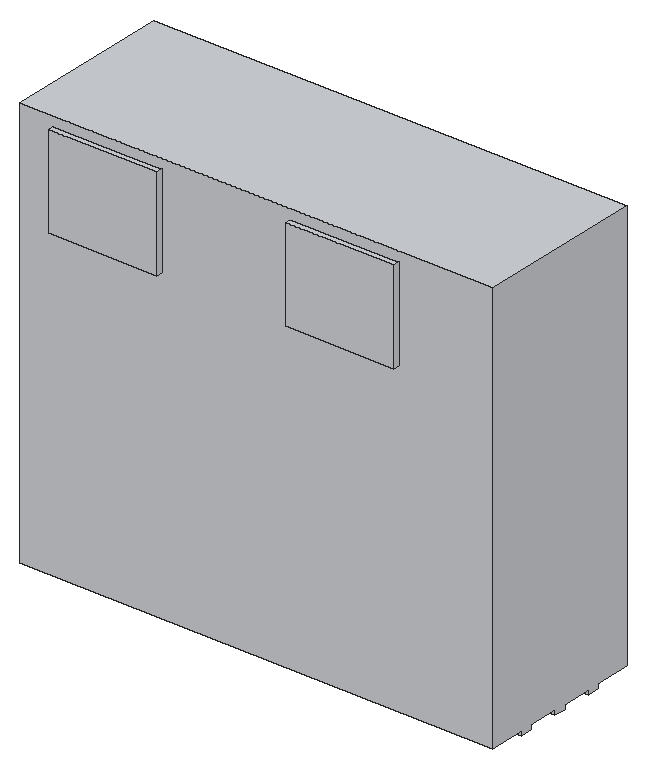
Revit family "7a9e62ce60ef40fdb477575f143ecf48", category Mechanical Equipment, Revit 2021
Family settings
  Round Connector Dimension = Use Radius
  Part Type = Normal
  OmniClass Number = 23.75.10.21.17
  OmniClass Title = Water-Source Heat Pumps
  Seek Item ID = WSHP - Vertical - 13-20 Tons - Rear Return - Front Discharge-0000-USA-ENU
  Work Plane-Based = No
  Always vertical = Yes
  Cut with Voids When Loaded = No
  Shared = No
  Room Calculation Point = No
Parameters (values of type "20 Tons")
  Water Supply Radius = 3/4"
  Water Supply Diameter = Water Supply Radius * 2  # 1 1/2"
  Water Return Radius = 3/4"
  Water Return Diameter = Water Return Radius * 2  # 1 1/2"
  Water Pressure Drop [instance] = 14.60 psi
  Water Flow [instance] = 60 GPM
  Voltage = 460 V
  Supply Air Width = 18 205/256"
  Supply Air Height = 16 13/128"
  Return Air Width = 34 205/256"
  Return Air Height = 23 51/128"
  Pump Width = 2' - 5"
  Pump Material = none
  Pump Length = 6' - 10"
  Pump Height = 5' - 11 1/2"
  Number of Poles = 3
  Load Classification = Cooling
  Drain Flow [instance] = 0 GPM
  Distance 1 = 1' - 10 77/256"
  Default Elevation = 0' - 0"
  Condensate Radius = 1/2"
  Condensate Diameter = Condensate Radius * 2  # 1"
  C8 Offset 2 = 0' - 2 13/128"
  C8 Offset 1 = 0' - 1"
  C6 Offset 2 = 1' - 10 77/128"
  C6 Offset 1 = 0' - 3 13/128"
  C4 Offset 1 = 0' - 5 205/256"
  C3 Offset 1 = 1' - 2 1/2"
  C2 Offset 1 = 0' - 4"
  C1 Offset 2 = 1' - 8 1/2"
  C1 Offset 1 = 0' - 7 51/128"
  Apparent Load = 18768 VA
  External Static Pressure [instance] = 1.50 in-wg
  Air Flow 1 [instance] = Air Flow / 2  # 4200 CFM
  Air Flow [instance] = 8400 CFM
Types (4): name | Water Pressure Drop | Water Flow | Supply Air Width | Supply Air Height | Return Air Height | Distance 1 | C4 Offset 1 | Apparent Load | External Static Pressure | Air Flow 1 | Air Flow
  (no name) | 14.60 psi | 60 GPM | 18 205/256" | 16 13/128" | 23 51/128" | 1' - 10 77/256" | 0' - 5 205/256" | 18768 VA | 1.50 in-wg | 4200 CFM | 8400 CFM
  13 Tons | 9.40 psi | 37 GPM | 14 179/256" | 15 205/256" | 23 77/128" | 1' - 1 205/256" | 1' - 7 51/128" | 11132 VA | 1.00 in-wg | 2600 CFM | 5200 CFM
  17 Tons | 11.10 psi | 48 GPM | 18 205/256" | 16 13/128" | 23 51/128" | 1' - 10 77/256" | 0' - 5 205/256" | 17296 VA | 1.50 in-wg | 3500 CFM | 7000 CFM
  20 Tons | 14.60 psi | 60 GPM | 18 205/256" | 16 13/128" | 23 51/128" | 1' - 10 77/256" | 0' - 5 205/256" | 18768 VA | 1.50 in-wg | 4200 CFM | 8400 CFM
Reference planes (in)
  plane 1 "Center (Front/Back)": y = 0
  plane 2: z = 0
  plane 3 "Center (Left/Right)": x = 0
  plane 4: x = 82
  plane 5: y = 29
  plane 6: z = 72.25
  plane 7: z = 0.75
  plane 8: y = 14.5
  plane 9: y = 15.5
  plane 10: y = 13.5
  plane 11: y = 21.75
  plane 12: y = 7.25
  plane 13: y = 22.75
  plane 14: y = 20.75
  plane 15: y = 8.25
  plane 16: y = 6.25
  plane 17: z = 21.25
  plane 18: y = 4
  plane 19: y = 7.39844
  plane 20: y = 14.5
  plane 21: x = -1
  plane 22: z = 2.10156
  plane 23: x = 81
  plane 24: y = -1
  plane 25: x = 3.10156
  plane 26: z = 49.64844
  plane 27: x = 37.90234
  plane 28: x = 44.20234
  plane 29: x = 79.00313
  plane 30: z = 26.25
  plane 31: x = 65.70313
  plane 32: x = 46.90234
  plane 33: x = 24.60156
  plane 34: x = 5.80078
  plane 35: z = 70.5
  plane 36: z = 54.39844
  plane 37: y = 30
  plane 38: y = 1
Forms (in)
  Extrusion 1, solid, material <- "Pump Material"
    sketch origin (0, 0, 0) x (1, 0, 0) y (0, 1, 0)
      loop
        line (0, 29) -> (0, 0) -> (82, 0) -> (82, 29) -> (0, 29)
    from 0.75 to 72.25
  Extrusion 2, solid, material <- "Pump Material"
    sketch origin (0, 0, 0) x (0, 1, 0) y (0, 0, 1)
      loop
        line (15.5, 0.75) -> (13.5, 0.75) -> (13.5, 0) -> (15.5, 0) -> (15.5, 0.75)
    from 0 to 82
  Extrusion 3, solid, material <- "Pump Material"
    sketch origin (0, 0, 0) x (0, 1, 0) y (0, 0, 1)
      loop
        line (22.75, 0.75) -> (20.75, 0.75) -> (20.75, 0) -> (22.75, 0) -> (22.75, 0.75)
    from 0 to 82
  Extrusion 4, solid, material <- "Pump Material"
    sketch origin (0, 0, 0) x (0, 1, 0) y (0, 0, 1)
      loop
        line (8.25, 0.75) -> (6.25, 0.75) -> (6.25, 0) -> (8.25, 0) -> (8.25, 0.75)
    from 0 to 82
  Extrusion 5, solid, material <- "Pump Material"
    sketch origin (0, 0, 0) x (0, 1, 0) y (0, 0, 1)
      loop
        circle (4, 21.25) r 0.75
    from 0 to -1
  Extrusion 6, solid, material <- "Pump Material"
    sketch origin (0, 0, 0) x (0, 1, 0) y (0, 0, 1)
      loop
        circle (7.39844, 21.25) r 0.75
    from 0 to -1
  Extrusion 7, solid, material <- "Pump Material"
    sketch origin (0, 0, 0) x (0, 1, 0) y (0, 0, 1)
      loop
        circle (14.5, 21.25) r 0.5
    from 0 to -1
  Extrusion 8, solid, material <- "Pump Material"
    sketch origin (0, 0, 0) x (1, 0, 0) y (0, 0, 1)
      loop
        circle (81, 2.10156) r 0.5
    from -1 to 0
  Extrusion 9, solid, material <- "Pump Material"
    sketch origin (0, 0, 0) x (1, 0, 0) y (0, 0, 1)
      loop
        line (5.80078, 70.5) -> (5.80078, 54.39844) -> (24.60156, 54.39844) -> (24.60156, 70.5) -> (5.80078, 70.5)
    from 0 to 1
  Extrusion 10, solid, material <- "Pump Material"
    sketch origin (0, 0, 0) x (1, 0, 0) y (0, 0, 1)
      loop
        line (46.90234, 70.5) -> (46.90234, 54.39844) -> (65.70313, 54.39844) -> (65.70313, 70.5) -> (46.90234, 70.5)
    from 0 to 1
  Extrusion 11, solid, material <- "Pump Material"
    sketch origin (0, 0, 0) x (1, 0, 0) y (0, 0, 1)
      loop
        line (3.10156, 49.64844) -> (3.10156, 26.25) -> (37.90234, 26.25) -> (37.90234, 49.64844) -> (3.10156, 49.64844)
    from -29 to -30
  Extrusion 12, solid, material <- "Pump Material"
    sketch origin (0, 0, 0) x (1, 0, 0) y (0, 0, 1)
      loop
        line (44.20234, 49.64844) -> (44.20234, 26.25) -> (79.00313, 26.25) -> (79.00313, 49.64844) -> (44.20234, 49.64844)
    from -29 to -30
Cuts and joins
  joined: Extrusion 1, Extrusion 2, Extrusion 3, Extrusion 4, Extrusion 5, Extrusion 6, Extrusion 7, Extrusion 8, Extrusion 9, Extrusion 10, Extrusion 11, Extrusion 12
Dimensions and locks (in)
  "Pump Length": plane 3 "Center (Left/Right)" to plane 4
  "Pump Width": plane 5 to plane 1 "Center (Front/Back)"
  locked: plane 7 to plane 2 at 0.75
  "Pump Height": plane 6 to plane 7
  equal spacing: plane 5, plane 8, plane 1 "Center (Front/Back)"
  plane 9 to plane 8 to plane 10 = 0' - 1" locked, 0' - 1" locked
  equal spacing: plane 5, plane 11, plane 8
  equal spacing: plane 8, plane 12, plane 1 "Center (Front/Back)"
  plane 13 to plane 11 to plane 14 = 0' - 1" locked, 0' - 1" locked
  plane 15 to plane 12 to plane 16 = 0' - 1" locked, 0' - 1" locked
  "C1 Offset 2": plane 17 to plane 7
  "C2 Offset 1": plane 18 to plane 1 "Center (Front/Back)"
  "C1 Offset 1": plane 19 to plane 1 "Center (Front/Back)"
  "C3 Offset 1": plane 20 to plane 1 "Center (Front/Back)"
  plane 21 to plane 3 "Center (Left/Right)" = 0' - 1"
  "C8 Offset 2": plane 22 to plane 2
  "C8 Offset 1": plane 4 to plane 23
  locked: plane 24 to plane 1 "Center (Front/Back)" at 1
  locked: plane 27 to plane 28 at 6.3
  "C6 Offset 1": plane 25 to plane 3 "Center (Left/Right)"
  "Return Air Width": plane 25 to plane 27
  "Return Air Width": plane 28 to plane 29
  "C6 Offset 2": plane 6 to plane 26
  "Return Air Height": plane 26 to plane 30
  "C4 Offset 1": plane 3 "Center (Left/Right)" to plane 34
  "Supply Air Width": plane 34 to plane 33
  "Distance 1": plane 33 to plane 32
  "Supply Air Width": plane 32 to plane 31
  locked: plane 6 to plane 35 at 1.75
  "Supply Air Height": plane 35 to plane 36
  locked: plane 37 to plane 5 at 1
  locked: plane 38 to plane 1 "Center (Front/Back)" at 1
  "Water Return Radius": radius of Extrusion 5 sketch curve
  "Water Supply Radius": radius of Extrusion 6 sketch curve
  "Condensate Radius": radius of Extrusion 7 sketch curve
  radius of Extrusion 8 sketch curve = 0' - 0 1/2"
  aligned and locked: Extrusion 1 to plane 3 "Center (Left/Right)"
  aligned and locked: Extrusion 1 to plane 5
  aligned and locked: plane 4 to Extrusion 1
  aligned and locked: plane 1 "Center (Front/Back)" to Extrusion 1
  aligned and locked: Extrusion 1 to plane 6
  aligned and locked: Extrusion 1 to plane 7
  aligned and locked: Extrusion 2 to plane 9
  aligned and locked: plane 10 to Extrusion 2
  aligned and locked: plane 7 to Extrusion 2
  aligned and locked: Extrusion 2 to plane 2
  aligned and locked: Extrusion 3 to plane 13
  aligned and locked: plane 14 to Extrusion 3
  aligned and locked: plane 7 to Extrusion 3
  aligned and locked: Extrusion 3 to plane 2
  aligned and locked: Extrusion 4 to plane 15
  aligned and locked: plane 16 to Extrusion 4
  aligned and locked: plane 7 to Extrusion 4
  aligned and locked: Extrusion 4 to plane 2
  aligned and locked: Extrusion 3 to plane 3 "Center (Left/Right)"
  aligned and locked: Extrusion 2 to plane 3 "Center (Left/Right)"
  aligned and locked: Extrusion 4 to plane 3 "Center (Left/Right)"
  aligned and locked: plane 4 to Extrusion 3
  aligned and locked: plane 4 to Extrusion 2
  aligned and locked: plane 4 to Extrusion 4
  aligned and locked: plane 17 to Extrusion 5 sketch curve
  aligned and locked: plane 17 to Extrusion 6 sketch curve
  aligned and locked: plane 17 to Extrusion 7 sketch curve
  aligned and locked: plane 18 to Extrusion 5 sketch curve
  aligned and locked: plane 19 to Extrusion 6 sketch curve
  aligned and locked: plane 20 to Extrusion 7 sketch curve
  aligned and locked: Extrusion 7 to plane 3 "Center (Left/Right)"  (x2)
  aligned and locked: Extrusion 7 to plane 21
  aligned and locked: Extrusion 6 to plane 21
  aligned and locked: Extrusion 5 to plane 21
  aligned and locked: plane 3 "Center (Left/Right)" to Extrusion 6
  aligned and locked: plane 3 "Center (Left/Right)" to Extrusion 5
  aligned and locked: Extrusion 8 sketch curve to plane 22
  aligned and locked: plane 23 to Extrusion 8 sketch curve
  aligned and locked: plane 32 to Extrusion 10
  aligned and locked: Extrusion 10 to plane 31
  aligned and locked: Extrusion 9 to plane 33
  aligned and locked: plane 34 to Extrusion 9
  aligned and locked: plane 35 to Extrusion 10
  aligned and locked: plane 35 to Extrusion 9
  aligned and locked: Extrusion 10 to plane 36
  aligned and locked: Extrusion 9 to plane 36
  aligned and locked: Extrusion 11 to plane 26
  aligned and locked: Extrusion 12 to plane 26
  aligned and locked: plane 30 to Extrusion 11
  aligned and locked: plane 30 to Extrusion 12
  aligned and locked: Extrusion 11 to plane 25
  aligned and locked: Extrusion 11 to plane 27
  aligned and locked: plane 28 to Extrusion 12
  aligned and locked: Extrusion 12 to plane 29
  aligned and locked: plane 1 "Center (Front/Back)" to Extrusion 9
  aligned and locked: plane 1 "Center (Front/Back)" to Extrusion 10
  aligned and locked: Extrusion 9 to plane 24
  aligned and locked: plane 24 to Extrusion 10
  aligned and locked: plane 5 to Extrusion 11
  aligned and locked: plane 5 to Extrusion 12
  aligned and locked: plane 37 to Extrusion 11
  aligned and locked: Extrusion 12 to plane 37
  aligned and locked: plane 38 to Extrusion 8
  aligned and locked: plane 1 "Center (Front/Back)" to Extrusion 8
Automatic sketch dimensions
  plane 3 "Center (Left/Right)" to Extrusion 1 sketch curve = 0' - 0"
  Extrusion 1 sketch curve to plane 1 "Center (Front/Back)" = 0' - 0"
  plane 4 to Extrusion 1 sketch curve = 0' - 0"
  plane 5 to Extrusion 1 sketch curve = 0' - 0"
  plane 8 to Extrusion 2 sketch curve = 0' - 1"
  Extrusion 2 sketch curve to plane 8 = 0' - 1"
  Extrusion 2 sketch curve to level = 0' - 0"
  plane 7 to Extrusion 2 sketch curve = 0' - 0"
  plane 11 to Extrusion 3 sketch curve = 0' - 1"
  Extrusion 3 sketch curve to plane 11 = 0' - 1"
  Extrusion 3 sketch curve to level = 0' - 0"
  plane 7 to Extrusion 3 sketch curve = 0' - 0"
  plane 12 to Extrusion 4 sketch curve = 0' - 1"
  Extrusion 4 sketch curve to level = 0' - 0"
  Extrusion 4 sketch curve to plane 12 = 0' - 1"
  plane 7 to Extrusion 4 sketch curve = 0' - 0"
  plane 25 to Extrusion 9 sketch curve = 0' - 2 179/256"
  Extrusion 9 sketch curve to plane 26 = 0' - 4 3/4"
  plane 27 to Extrusion 9 sketch curve = 1' - 1 77/256"
  Extrusion 9 sketch curve to plane 6 = 0' - 1 3/4"
  Extrusion 10 sketch curve to plane 26 = 0' - 4 3/4"
  Extrusion 10 sketch curve to plane 28 = 0' - 2.7"
  plane 29 to Extrusion 10 sketch curve = 1' - 1.3"
  Extrusion 10 sketch curve to plane 6 = 0' - 1 3/4"
  Extrusion 11 sketch curve to plane 30 = 0' - 0"
  plane 25 to Extrusion 11 sketch curve = 0' - 0"
  Extrusion 11 sketch curve to plane 33 = 1' - 1 77/256"
  plane 26 to Extrusion 11 sketch curve = 0' - 0"
  plane 32 to Extrusion 12 sketch curve = 0' - 2.7"
  Extrusion 12 sketch curve to plane 30 = 0' - 0"
  plane 29 to Extrusion 12 sketch curve = 0' - 0"
  plane 26 to Extrusion 12 sketch curve = 0' - 0"
Connectors (in)
  piping at (-1, 7.39844, 21.25), diameter 1.5, driven by "Water Flow", driven by "Water Supply Radius"
    settings: on Extrusion 6, index 1, connector inside diameter 1 1/2", connector length 0' - 0", flow factor 0, pipe flow 60 GPM, pressure drop 0.00 psi, fitting loss kfactor 0, connector angle 0.00°, fixture units 0, engagement length 0' - 0", angle of deflection 0.00°, flow configuration 1, flow direction 1, fitting loss method 4, system type 7, joint type 0, gender type 0, connector reference index 2, connector utility 0, adjustable connector no, is connector primary yes, connector description "Water Supply In"
  piping at (-1, 4, 21.25), diameter 1.5, driven by "Water Flow", driven by "Water Return Radius", driven by "Water Pressure Drop"
    settings: on Extrusion 5, index 2, connector inside diameter 1 1/2", connector length 0' - 0", flow factor 0, pipe flow 60 GPM, pressure drop 14.60 psi, fitting loss kfactor 0, connector angle 0.00°, fixture units 0, engagement length 0' - 0", angle of deflection 0.00°, flow configuration 1, flow direction 2, fitting loss method 4, system type 8, joint type 0, gender type 0, connector reference index 1, connector utility 0, adjustable connector no, is connector primary no, connector description "Water Return Out"
  piping at (-1, 14.5, 21.25), diameter 1, driven by "Condensate Radius", driven by "Drain Flow"
    settings: on Extrusion 7, index 3, connector inside diameter 1", connector length 0' - 0", flow factor 0, pipe flow 0 GPM, pressure drop 0.00 psi, fitting loss kfactor 0, connector angle 0.00°, fixture units 0, engagement length 0' - 0", angle of deflection 0.00°, flow configuration 1, flow direction 2, fitting loss method 0, system type 16, joint type 0, gender type 0, connector reference index -1, connector utility 0, adjustable connector yes, is connector primary no, connector description "Condensate Out"
  hvac at (15.20117, -1, 62.44922), driven by "Air Flow 1", driven by "Supply Air Height", driven by "Supply Air Width"
    settings: on Extrusion 9, index 4, duct flow 4200 CFM, flow factor 0, pres drop 0.00 in-wg, loss coef 0, conn angle 0.00°, conn width 18 205/256", conn height 16 13/128", conn diameter 24", duct sys type 1, conn prof type 1, flow config 0, flow direction 2, loss method 0, conn ref index -1, conn util no, is conn primary yes, conn desc ""
  hvac at (56.30273, -1, 62.44922), driven by "Air Flow 1", driven by "Supply Air Height", driven by "Supply Air Width"
    settings: on Extrusion 10, index 5, duct flow 4200 CFM, flow factor 0, pres drop 0.00 in-wg, loss coef 0, conn angle 0.00°, conn width 18 205/256", conn height 16 13/128", conn diameter 24", duct sys type 1, conn prof type 1, flow config 0, flow direction 2, loss method 0, conn ref index -1, conn util no, is conn primary no, conn desc ""
  hvac at (20.50195, 30, 37.94922), driven by "Air Flow 1", driven by "Return Air Height", driven by "Return Air Width"
    settings: on Extrusion 11, index 6, duct flow 4200 CFM, flow factor 0, pres drop 0.00 in-wg, loss coef 0, conn angle 0.00°, conn width 34 205/256", conn height 23 51/128", conn diameter 24", duct sys type 2, conn prof type 1, flow config 0, flow direction 1, loss method 0, conn ref index -1, conn util no, is conn primary no, conn desc ""
  hvac at (61.60273, 30, 37.94922), driven by "Air Flow 1", driven by "Return Air Height", driven by "Return Air Width"
    settings: on Extrusion 12, index 7, duct flow 4200 CFM, flow factor 0, pres drop 0.00 in-wg, loss coef 0, conn angle 0.00°, conn width 34 205/256", conn height 23 51/128", conn diameter 24", duct sys type 2, conn prof type 1, flow config 0, flow direction 1, loss method 0, conn ref index -1, conn util no, is conn primary no, conn desc ""
  electrical at (81, 0, 2.10156), driven by "Apparent Load", driven by "Voltage", driven by "Number of Poles", driven by "Load Classification"
    settings: on Extrusion 8, index 8, voltage 460 V, apparent load 18768 VA, apparent load phase1 0 VA, apparent load phase2 0 VA, apparent load phase3 0 VA, power factor 0.8, load classification "Cooling", number of poles 3, system type 30, power factor state 1, is connector primary yes, connector utility no, sub classification motor no, connector description ""
